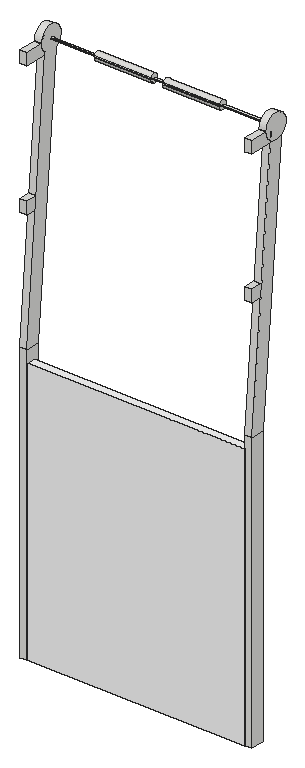
Revit family "Thermalweight-T1", category Generic Models, host Wall, Revit 2026
Family settings
  Host = Wall
  Can host rebar = No
  Round Connector Dimension = Use Diameter
  Part Type = Normal
  Always vertical = Yes
  Cut with Voids When Loaded = Yes
  Maintain Annotation Orientation = No
  Shared = No
  Room Calculation Point = No
Parameters (values of type "9' x 11'")
  Type Comments = "Insuated"  # constant formula
  Trans = 0' - 6"  # constant formula
  TrackWidth = 0' - 3 1/2"
  TrackHeight = 22' - 6"
  TrackDepth = 0' - 6 7/8"  # constant formula
  Track Style = "Tilt Style 1"  # constant formula
  PanelSize = 2' - 0"  # constant formula
  OpeningWidth = 9' - 0"
  OpeningHeight = 11' - 0"
  Model = "Thermalweight"  # constant formula
  Manufacturer = "TKO"  # constant formula
  DoorThk = 0' - 4"  # constant formula
  Description = "Sectional Door"  # constant formula
  Default Elevation = 0' - 0"
Types (16): name | TrackHeight | OpeningWidth | OpeningHeight
  (no name) | 22' - 6" | 9' - 0" | 11' - 0"
  8' x 10' | 21' - 6" | 8' - 0" | 10' - 0"
  9' x 10' | 21' - 6" | 9' - 0" | 10' - 0"
  10' x 10' | 21' - 6" | 10' - 0" | 10' - 0"
  10' x 11' | 22' - 6" | 10' - 0" | 11' - 0"
  9' x 11' | 22' - 6" | 9' - 0" | 11' - 0"
  8' x 11' | 22' - 6" | 8' - 0" | 11' - 0"
  10' x 12' | 23' - 6" | 10' - 0" | 12' - 0"
  8' x 12' | 23' - 6" | 8' - 0" | 12' - 0"
  9' x 12' | 23' - 6" | 9' - 0" | 12' - 0"
  10' x 8' | 19' - 6" | 10' - 0" | 8' - 0"
  10' x 9' | 20' - 6" | 10' - 0" | 8' - 0"
  8' x 9' | 20' - 6" | 8' - 0" | 9' - 0"
  8' x 8' | 19' - 6" | 8' - 0" | 8' - 0"
  9' x 9' | 20' - 6" | 9' - 0" | 9' - 0"
  9' x 8' | 19' - 6" | 9' - 0" | 8' - 0"
Reference planes (in)
  plane 1: y = 0
  plane 2 "Center (Left/Right)": x = 0
  plane 3 "Wall Edge": y = 3
  plane 4: x = -54
  plane 5: x = 54
  plane 6: z = 132
  plane 7: y = 3
  plane 8: y = 7
  plane 9: z = 24
  plane 10: z = 48
  plane 11: z = 72
  plane 12: x = -57.5
  plane 13: x = 57.5
  plane 14: y = 9.875
  plane 15: z = 270
  plane 16: z = 96
  plane 17: z = 120
  plane 18: x = -3
  plane 19: x = 3
  plane 20: x = 31
  plane 21: x = -31
  plane 22: z = 138
  plane 23: z = 264
  plane 24: z = 204
  plane 25: z = 198
  plane 26: y = 18
Forms (in)
  Extrusion 1, void
    sketch origin (0, 3, 0) x (1, 0, 0) y (0, 0, 1)
      loop
        line (54, 132) -> (-54, 132) -> (-54, 0) -> (54, 0) -> (54, 132)
    from 0 to 6
  Extrusion 2, solid, material "DOOR PANEL"
    sketch origin (0, 0, 0) x (1, 0, 0) y (0, 1, 0)
      loop
        line (-54, 7) -> (-54, 3) -> (54, 3) -> (54, 7) -> (-54, 7)
    from 0 to 132
  Extrusion 3, solid, material "Steel"
    sketch origin (0, 0, 0) x (1, 0, 0) y (0, 1, 0)
      loop
        line (-57.5, 9.875) -> (-57.5, 3) -> (-54, 3) -> (-54, 9.875) -> (-57.5, 9.875)
      loop
        line (54, 9.875) -> (54, 3) -> (57.5, 3) -> (57.5, 9.875) -> (54, 9.875)
    from 0 to 138
  Extrusion 4, solid, material "Steel"
    sketch origin (0, 1.78796, -0.12474) x (0, 1, 0) y (0, 0, 1)
      loop
        circle (16.21204, 270.12474) r 6
    from 54 to 57.5
  Extrusion 5, solid, material "Steel"
    sketch origin (0, 0, 0) x (0, 1, 0) y (0, 0, -1)
      loop
        circle (18, -270) r 6
    from 54 to 57.5
  Extrusion 6, solid, material "Steel"
    sketch origin (0, 0, 0) x (0, 1, 0) y (0, 0, 1)
      loop
        circle (18, 270) r 0.5
    from -54 to 54
  Extrusion 7, solid, material "Steel"
    sketch origin (0, 2.69451, -0.65988) x (0, 1, 0) y (0, 0, 1)
      loop
        circle (15.30549, 270.65988) r 2
    from 3 to 31
  Extrusion 8, solid, material "Steel"
    sketch origin (0, -1.75968, -2.7495) x (0, 1, 0) y (0, 0, -1)
      loop
        circle (19.75968, -272.7495) r 2
    from 3 to 31
  Extrusion 9, solid, material "Steel"
    sketch origin (0, 0, 0) x (0, 1, 0) y (0, 0, 1)
      loop
        line (3, 138) -> (9.90126, 138) -> (21.44976, 270) -> (14.5485, 270) -> (3, 138)
    from -57.5 to -54
  Extrusion 10, solid, material "Steel"
    sketch origin (0, 0, 0) x (0, 1, 0) y (0, 0, -1)
      loop
        line (14.5485, -270) -> (14.02357, -264) -> (3, -264) -> (3, -270) -> (14.5485, -270)
      loop
        line (3, -198) -> (3, -204) -> (8.77425, -204) -> (8.24932, -198) -> (3, -198)
    from 54 to 57.5
  Extrusion 11, solid, material "Steel"
    sketch origin (0, 0, 0) x (0, 1, 0) y (0, 0, -1)
      loop
        line (3, -138) -> (14.5485, -270) -> (21.44976, -270) -> (9.90126, -138) -> (3, -138)
    from -57.5 to -54
  Extrusion 12, solid, material "Steel"
    sketch origin (0, 0, 0) x (0, 1, 0) y (0, 0, 1)
      loop
        line (14.5485, 270) -> (3, 270) -> (3, 264) -> (14.02357, 264) -> (14.5485, 270)
      loop
        line (3, 198) -> (8.24932, 198) -> (8.77425, 204) -> (3, 204) -> (3, 198)
    from 54 to 57.5
Cuts and joins
  joined: Extrusion 5, Extrusion 9
Lines and regions (in)
  model lines
    curve 1: line (54, 3, 24) -> (-54, 3, 24)
    curve 2: line (-54, 3, 48) -> (54, 3, 48)
    curve 3: line (54, 3, 72) -> (-54, 3, 72)
    curve 4: line (54, 3, 96) -> (-54, 3, 96)
    curve 5: line (54, 3, 120) -> (-54, 3, 120)
Text (in)
  text "Placement Side" at (0, 40.15149, 123.01588), in view "Right"
  text "Placement Side" at (-70.3804, 83.26548, 0), in view "Ref. Level"
  text "Placement Side" at (0, 81.62555, 140.59947), in view "Left"
Dimensions and locks (in)
  locked: plane 3 "Wall Edge" to host wall
  equal spacing: plane 5, plane 2 "Center (Left/Right)", plane 4
  "OpeningWidth": plane 5 to plane 4
  "DoorThk": plane 7 to plane 8
  host wall to Extrusion 2 = 0' - 7"
  "TrackDepth": plane 14 to plane 7
  "TrackWidth": plane 12 to plane 4
  "TrackWidth": plane 5 to plane 13
  "PanelSize": plane 9 to level
  equal spacing: plane 17, plane 16, plane 11, plane 10, plane 9, level
  "TrackHeight": level to plane 15
  "OpeningHeight": level to plane 6
  equal spacing: plane 18, plane 2 "Center (Left/Right)", plane 19, locked at 3 each
  locked: plane 21 to plane 18 at 28
  locked: plane 19 to plane 20 at 28
  "Trans": plane 6 to plane 22
  "TrackDepth": Extrusion 9 sketch curve to Extrusion 9 sketch curve
  locked: plane 23 to plane 15 at 6
  locked: plane 24 to plane 25 at 6
  locked: plane 24 to plane 23 at 60
  locked: plane 26 to plane 1 at 18
  "TrackDepth": Extrusion 11 sketch curve to Extrusion 11 sketch curve
  radius of Extrusion 4 sketch curve = 0' - 6"
  radius of Extrusion 5 sketch curve = 0' - 6"
  radius of Extrusion 6 sketch curve = 0' - 0 1/2"
  radius of Extrusion 7 sketch curve = 0' - 2"
  radius of Extrusion 8 sketch curve = 0' - 2"
  locked: Extrusion 9 sketch curve to plane 1 (angle 5.00°)
  aligned and locked: host wall to plane 7
  aligned and locked: Extrusion 1 sketch curve to plane 5
  aligned and locked: Extrusion 1 sketch curve to plane 4
  aligned and locked: Extrusion 1 to plane 7
  aligned and locked: host wall to Extrusion 1
  aligned and locked: Extrusion 2 to plane 3 "Wall Edge"
  aligned and locked: plane 8 to Extrusion 2
  aligned and locked: Extrusion 2 to plane 6
  aligned and locked: Extrusion 3 sketch curve to plane 14  (x2)
  aligned and locked: Extrusion 3 sketch curve to plane 12
  aligned and locked: curve 1 to Extrusion 3 sketch curve
  aligned and locked: plane 5 to Extrusion 3 sketch curve
  aligned and locked: Extrusion 3 sketch curve to plane 7
  aligned and locked: Extrusion 3 sketch curve to plane 13
  aligned and locked: plane 13 to Extrusion 4
  aligned and locked: Extrusion 4 to plane 5
  aligned and locked: plane 4 to Extrusion 5
  aligned and locked: Extrusion 5 to plane 12
  aligned and locked: curve 2 to plane 10
  aligned and locked: curve 3 to plane 11
  aligned and locked: curve 1 to plane 9
  aligned and locked: plane 5 to Extrusion 6
  aligned and locked: Extrusion 6 to plane 4
  aligned and locked: Extrusion 2 to level
  aligned and locked: curve 4 to plane 16
  aligned and locked: curve 5 to plane 17
  aligned and locked: level to Extrusion 2
  aligned and locked: Extrusion 1 sketch curve to level
  aligned and locked: Extrusion 1 sketch curve to plane 6
  aligned and locked: Extrusion 7 to plane 20
  aligned and locked: Extrusion 7 to plane 19
  aligned and locked: Extrusion 8 to plane 18
  aligned and locked: Extrusion 8 to plane 21
  aligned and locked: plane 22 to Extrusion 9 sketch curve
  aligned and locked: plane 15 to Extrusion 9 sketch curve
  aligned and locked: Extrusion 9 to plane 12
  aligned and locked: Extrusion 9 to plane 4
  aligned and locked: plane 4 to Extrusion 10
  aligned and locked: Extrusion 10 to plane 12
  aligned and locked: plane 24 to Extrusion 10
  aligned and locked: Extrusion 10 to plane 25
  aligned and locked: plane 23 to Extrusion 10
  aligned and locked: plane 15 to Extrusion 10
  aligned and locked: plane 15 to Extrusion 4 sketch curve
  aligned and locked: plane 26 to Extrusion 4 sketch curve
  aligned and locked: plane 26 to Extrusion 5 sketch curve
  aligned and locked: plane 15 to Extrusion 5 sketch curve
  aligned and locked: plane 15 to Extrusion 6 sketch curve
  aligned and locked: plane 26 to Extrusion 6 sketch curve
  aligned and locked: plane 26 to Extrusion 7 sketch curve
  aligned and locked: plane 15 to Extrusion 7 sketch curve
  aligned and locked: plane 15 to Extrusion 8 sketch curve
  aligned and locked: plane 26 to Extrusion 8 sketch curve
  aligned and locked: Extrusion 2 to plane 4
  aligned and locked: Extrusion 2 to plane 5
  aligned and locked: plane 22 to Extrusion 3
  aligned and locked: plane 13 to Extrusion 11
  aligned and locked: Extrusion 11 to plane 5
  aligned and locked: cut or joined group of Extrusion 5, Extrusion 9 to Extrusion 11
  aligned and locked: Extrusion 11 to cut or joined group of Extrusion 5, Extrusion 9
  aligned and locked: Extrusion 10 to Extrusion 11  (x2)
  aligned and locked: Extrusion 11 to Extrusion 12
  aligned and locked: Extrusion 12 to Extrusion 11  (x3)
  aligned and locked: Extrusion 12 to plane 25
  aligned and locked: plane 24 to Extrusion 12
  aligned and locked: plane 23 to Extrusion 12
  aligned and locked: plane 15 to Extrusion 12
  aligned and locked: plane 15 to Extrusion 11
  aligned and locked: Extrusion 11 to plane 22
  aligned and locked: plane 4 to Extrusion 3
Automatic sketch dimensions
  Extrusion 2 sketch curve to host wall = 0' - 0"
  Extrusion 2 sketch curve to plane 4 = 0' - 0"
  Extrusion 2 sketch curve to plane 5 = 0' - 0"
  Extrusion 2 sketch curve to plane 8 = 0' - 0"
  curve 3 to plane 4 = 0' - 0"
  curve 1 to plane 4 = 0' - 0"
  curve 2 to plane 4 = 0' - 0"
  curve 4 to plane 4 = 0' - 0"
  curve 5 to plane 4 = 0' - 0"
  curve 4 to plane 5 = 0' - 0"
  curve 2 to plane 5 = 0' - 0"
  curve 5 to plane 5 = 0' - 0"
  curve 1 to plane 5 = 0' - 0"
  curve 3 to plane 5 = 0' - 0"
  plane 4 to Extrusion 3 sketch curve = 0' - 0"
  Extrusion 3 sketch curve to plane 13 = 0' - 0"
  Extrusion 9 sketch curve to host wall = 0' - 0"
  Extrusion 10 sketch curve to host wall = 0' - 0"  (x2)
  Extrusion 10 sketch curve to plane 25 = 0' - 0"
  Extrusion 10 sketch curve to plane 24 = 0' - 0"
  plane 23 to Extrusion 10 sketch curve = 0' - 0"
  Extrusion 10 sketch curve to plane 15 = 0' - 0"
  plane 8 to Extrusion 10 sketch curve = 0' - 1.24932"
  Extrusion 10 sketch curve to plane 14 = 0' - 1.10075"
  Extrusion 10 sketch curve to plane 26 = 0' - 3.97643"
  Extrusion 10 sketch curve to plane 26 = 0' - 3.4515"
  Extrusion 11 sketch curve to host wall = 0' - 0"
  Extrusion 11 sketch curve to plane 22 = 0' - 0"
  Extrusion 11 sketch curve to plane 15 = 0' - 0"
  Extrusion 11 sketch curve to Extrusion 11 sketch curve = 0' - 6.90126"
  Extrusion 12 sketch curve to host wall = 0' - 0"  (x2)
  Extrusion 12 sketch curve to plane 25 = 0' - 0"
  Extrusion 12 sketch curve to plane 24 = 0' - 0"
  plane 23 to Extrusion 12 sketch curve = 0' - 0"
  Extrusion 12 sketch curve to plane 15 = 0' - 0"
  plane 8 to Extrusion 12 sketch curve = 0' - 1.24932"
  Extrusion 12 sketch curve to plane 14 = 0' - 1.10075"
  Extrusion 12 sketch curve to plane 26 = 0' - 3.97643"
  Extrusion 12 sketch curve to plane 26 = 0' - 3.4515"
